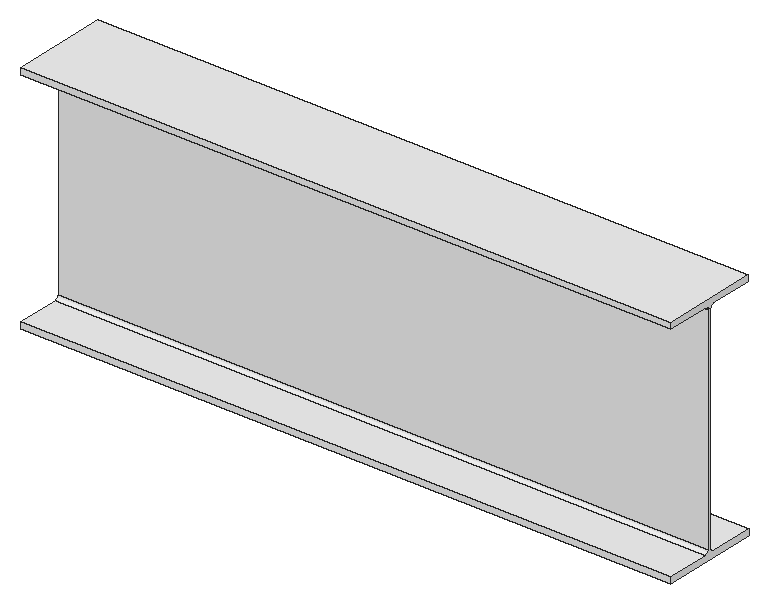
Revit family "VIG_LAM_UB", category Structural Framing, Revit 2020
Family settings
  Structural Framing Length Roundoff = 0 mm
  Section Shape = Not Defined
  Material for Model Behavior = Steel
  Always export as geometry = No
  OmniClass Number = 23.25.30.11.14.14
  OmniClass Title = Beams
  Always vertical = Yes
  Cut with Voids When Loaded = No
  Symbolic Representation = From Project Settings
  Shared = No
  Show family pre-cut in plan views = No
Parameters (values of type "VIG_MET_060x250")
  W = 0
  Structural Material [instance] = Steel, 45-345
  Assembly Code = ""
  Ix = 8503
  Length [instance] = 2500 mm
  M = 40.3
  Nominal h = "305"
  Zx = 560
  b = 250 mm
  h = 600 mm
  r = 8.9 mm
  s = 6 mm
  t = 15 mm
  A = 0.005 m²
Types (2, lengths in mm): name | b | h
  VIG_MET_060x250 | 250 | 600
  VIG_MET_120x350 | 350 | 1200
Reference planes
  plane 1 "Center (Front/Back)": y = 0
  plane 2: z = 0
  plane 3 "Center (Left/Right)": x = 229.81
  plane 4 "Member Left": x = -604.99
  plane 5 "Member Right": x = 1064.61
  plane 6: y = 125
  plane 7: y = -125
  plane 8 "Top": z = 300
  plane 9: z = -300
  plane 10 "Left": x = -1020.19
  plane 11 "Right": x = 1479.81
Forms (mm)
  Sweep 1, solid, material "Steel, 45-345" <- "Structural Material", detail levels fine
    path origin (0, 0, 0) x (1, 0, 0) y (0, 1, 0)
      loop
        line (1064.61, 0) -> (-604.99, 0)
    profile "M_W-Wide Flange-Profile-Fine : M_W-Wide Flange-Profile-Fine" origin (229.81, 0, 0) x (0, -1, 0) y (0, 0, 1)
      loop
        line (-125, -300) -> (125, -300) -> (125, -285) -> (11.9, -285)
        arc (11.9, -285) -> (5.607, -282.393) -> (3, -276.1) r 8.9
        line (3, -276.1) -> (3, 276.1)
        arc (3, 276.1) -> (5.607, 282.393) -> (11.9, 285) r 8.9
        line (11.9, 285) -> (125, 285) -> (125, 300) -> (-125, 300) -> (-125, 285) -> (-11.9, 285)
        arc (-11.9, 285) -> (-5.607, 282.393) -> (-3, 276.1) r 8.9
        line (-3, 276.1) -> (-3, -276.1)
        arc (-3, -276.1) -> (-5.607, -282.393) -> (-11.9, -285) r 8.9
        line (-11.9, -285) -> (-125, -285) -> (-125, -300)
  Sweep 2, solid, material "Steel, 45-345" <- "Structural Material", detail levels medium
    path origin (0, 0, 0) x (1, 0, 0) y (0, 1, 0)
      loop
        line (1064.61, 0) -> (-604.99, 0)
    profile "M_W-Wide Flange-Profile-Medium : M_W-Wide Flange-Profile-Medium" origin (229.81, 0, 0) x (0, -1, 0) y (0, 0, 1)
      loop
        line (-125, -300) -> (125, -300) -> (125, -285) -> (3, -285) -> (3, 285) -> (125, 285) -> (125, 300) -> (-125, 300) -> (-125, 285) -> (-3, 285) -> (-3, -285) -> (-125, -285) -> (-125, -300)
Lines and regions (mm)
  symbolic lines, style "Hidden Faces", detail levels medium+fine
    curve 1: line (1064.61, -3, 0) -> (-604.99, -3, 0)
    curve 2: line (1064.61, 3, 0) -> (-604.99, 3, 0)
  symbolic lines, style "Stick Symbols", detail levels coarse
    curve 3: line (229.81, 125, 300) -> (229.81, -125, 300)
    curve 4: line (229.81, -125, -300) -> (229.81, 125, -300)
    curve 5: line (229.81, 0, 300) -> (229.81, 0, -300)
Dimensions and locks
  "b": plane 6 to plane 7
  "h": plane 9 to plane 8 "Top"
  equal spacing: plane 9, plane 2, plane 8 "Top"
  equal spacing: plane 6, plane 1 "Center (Front/Back)", plane 7
  "Length": plane 10 "Left" to plane 11 "Right"
  equal spacing: plane 10 "Left", plane 3 "Center (Left/Right)", plane 11 "Right"
  equal spacing: plane 4 "Member Left", plane 3 "Center (Left/Right)", plane 5 "Member Right"
  aligned and locked: Sweep 1 sketch curve to plane 1 "Center (Front/Back)"
  aligned and locked: Sweep 2 sketch curve to plane 1 "Center (Front/Back)"
  aligned and locked: Sweep 2 to curve 3  (x2)
  aligned and locked: Sweep 2 to curve 4  (x2)
  aligned and locked: curve 4 to Sweep 2
  aligned and locked: curve 3 to Sweep 2
  aligned and locked: plane 4 "Member Left" to Sweep 2 sketch curve
  aligned and locked: plane 5 "Member Right" to Sweep 2 sketch curve
  aligned and locked: plane 4 "Member Left" to Sweep 1 sketch curve
  aligned and locked: plane 5 "Member Right" to Sweep 1 sketch curve
  aligned and locked: plane 4 "Member Left" to curve 1
  aligned and locked: plane 4 "Member Left" to curve 2
  aligned and locked: plane 5 "Member Right" to curve 1
  aligned and locked: plane 5 "Member Right" to curve 2
Automatic sketch dimensions
  plane 1 "Center (Front/Back)" to curve 1 = 3 mm
  curve 2 to plane 1 "Center (Front/Back)" = 3 mm
  curve 5 to plane 1 "Center (Front/Back)" = 0 mm
